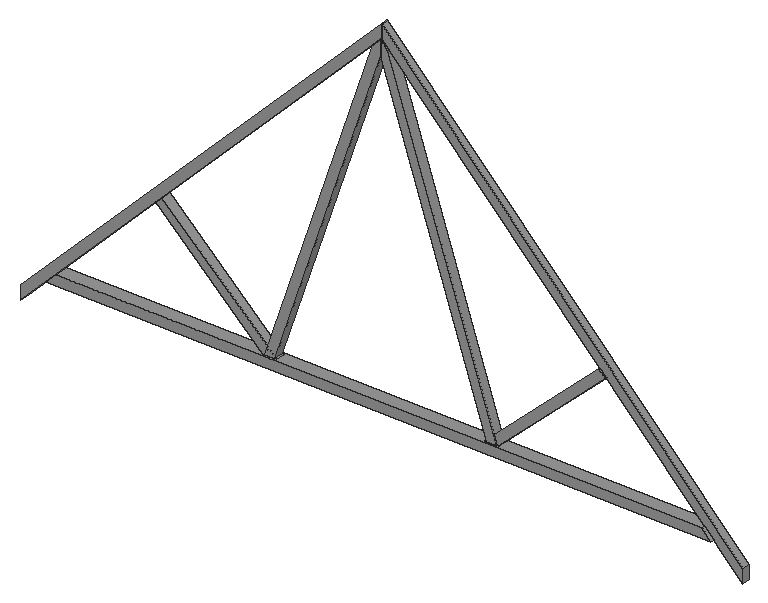
Revit family "FinkTruss", category Structural Framing, Revit 2020
Family settings
  Section Shape = Not Defined
  Material for Model Behavior = Wood
  Always export as geometry = No
  OmniClass Number = 23.25.30.21.14
  OmniClass Title = Trussed Beams and Joists
  Work Plane-Based = No
  Always vertical = Yes
  Cut with Voids When Loaded = No
  Symbolic Representation = From Family
  Shared = No
  Show family pre-cut in plan views = Yes
Parameters
  WebWidth [instance] = 100 mm
  WebDepth [instance] = 100 mm
  T_Volume [instance] = 0.00 m³
  TopWidth [instance] = 75 mm
  Structural Material [instance] = Poche
  SpanRight [instance] = 3500 mm
  SpanLeft [instance] = 3500 mm
  Span [instance] = SpanLeft + SpanRight  # 7000 mm
  SlopeRight [instance] = 45.00°
  SlopeLeft [instance] = 45.00°
  OverhangRight [instance] = 300 mm
  OverhangLeft [instance] = 300 mm
  TopDepth [instance] = 100 mm
  BottomWidth [instance] = 150 mm
  BottomDepth [instance] = 100 mm
Reference planes
  plane 1 "Center (Front/Back)": y = 0
  plane 2: z = 0
  plane 3 "Center (Left/Right)": x = 0
  plane 4: x = -3500
  plane 5: x = 3500
  plane 6: x = 3800
  plane 7: x = -3800
  plane 8: z = 100
  plane 9: x = 1166.667
  plane 10: x = -1166.667
  plane 11: x = 2333.333
  plane 12: x = -2333.333
Forms (mm)
  Extrusion 1, solid, material "Cherry"
    sketch origin (0, 0, 0) x (1, 0, 0) y (0, 0, 1)
      loop
        line (-3800, -300) -> (0, 3500) -> (0, 3641.421) -> (-3800, -158.579) -> (-3800, -300)
    from -37.5 to 37.5
  Extrusion 2, solid, material "Cherry"
    sketch origin (0, 0, 0) x (1, 0, 0) y (0, 0, 1)
      loop
        line (3800, -300) -> (3800, -158.579) -> (0, 3641.421) -> (0, 3500) -> (3800, -300)
    from -37.5 to 37.5
  Extrusion 3, solid, material "Cherry"
    sketch origin (0, 0, 0) x (1, 0, 0) y (0, 0, 1)
      loop
        line (-3500, 0) -> (3500, 0) -> (3400, 100) -> (-3400, 100) -> (-3500, 0)
    from -75 to 75
  Extrusion 4, solid, material "Cherry"
    sketch origin (0, 0, 0) x (1, 0, 0) y (0, 0, 1)
      loop
        line (1240.766, 100) -> (2368.724, 1131.276) -> (2297.943, 1202.057) -> (1092.567, 100) -> (1240.766, 100)
    from -50 to 50
  Extrusion 5, solid, material "Cherry"
    sketch origin (0, 0, 0) x (1, 0, 0) y (0, 0, 1)
      loop
        line (0, 3345.946) -> (0, 3500) -> (-80.476, 3419.524) -> (-1219.528, 100) -> (-1113.805, 100) -> (0, 3345.946)
    from -50 to 50
  Extrusion 6, solid, material "Cherry"
    sketch origin (0, 0, 0) x (1, 0, 0) y (0, 0, 1)
      loop
        line (-1092.567, 100) -> (-2297.943, 1202.057) -> (-2368.724, 1131.276) -> (-1240.766, 100) -> (-1092.567, 100)
    from -50 to 50
  Extrusion 7, solid, material "Cherry"
    sketch origin (0, 0, 0) x (1, 0, 0) y (0, 0, 1)
      loop
        line (80.476, 3419.524) -> (0, 3500) -> (0, 3345.946) -> (1113.805, 100) -> (1219.528, 100) -> (80.476, 3419.524)
    from -50 to 50
Lines and regions (mm)
  reference lines
    curve 1: line (3500, 0, 0) -> (1307.969, 0, 2192.031)
    curve 2: line (-3500, 0, 0) -> (-1025.126, 0, 2474.874)
    curve 3: line (3535.636, 0, 105.785) -> (-8.024, 0, 3649.445)
    curve 4: line (-3495.19, 0, 146.231) -> (-66.332, 0, 3575.09)
    curve 5: line (0, 37.5, 1939.254) -> (0, 37.5, -520.746)
    curve 6: line (0, -37.5, 1939.254) -> (0, -37.5, -520.746)
    curve 7: line (0, 0, 3500) -> (1166.667, 0, 100)
    curve 8: line (1166.667, 0, 100) -> (2333.333, 0, 1166.667)
    curve 9: line (-39.357, 0, 3460.643) -> (1148.103, 0, 0.046)
    curve 10: line (1104.505, 0, 110.915) -> (2298.87, 0, 1202.906)
    curve 11: line (1222.587, 0, 83.379) -> (2367.796, 0, 1130.428)
    curve 12: line (0, 0, 3500) -> (-1166.667, 0, 100)
    curve 13: line (-1166.667, 0, 100) -> (-2333.333, 0, 1166.667)
    curve 14: line (-46.606, 0, 3518.23) -> (-1222.714, 0, 90.716)
    curve 15: line (-399.352, 0, 2182.119) -> (-1150.677, 0, -7.455)
    curve 16: line (-1108.733, 0, 114.78) -> (-2297.76, 0, 1201.891)
    curve 17: line (-1221.7, 0, 82.568) -> (-2368.907, 0, 1131.443)
    curve 18: line (0, -50, 1939.254) -> (0, -50, -520.746)
    curve 19: line (0, -75, 1939.254) -> (0, -75, -520.746)
    curve 20: line (0, 50, 1939.254) -> (0, 50, -520.746)
    curve 21: line (0, 75, 1939.254) -> (0, 75, -520.746)
    curve 22: line (21.367, 0, 3591.784) -> (1215.075, 0, 112.979)
Dimensions and locks
  "SpanLeft": plane 3 "Center (Left/Right)" to plane 5
  "SpanRight": plane 3 "Center (Left/Right)" to plane 4
  "OverhangLeft": plane 5 to plane 6
  "OverhangRight": plane 7 to plane 4
  "BottomDepth": level to plane 8
  "TopDepth": curve 1 to curve 3
  "TopDepth": curve 4 to curve 2
  plane 3 "Center (Left/Right)" to plane 4 = 3500 mm
  plane 3 "Center (Left/Right)" to plane 5 = 3500 mm
  equal spacing: curve 5, curve 4, curve 6
  "TopWidth": curve 5 to curve 6
  equal spacing: plane 5, plane 11, plane 9, plane 3 "Center (Left/Right)"
  equal spacing: plane 3 "Center (Left/Right)", plane 10, plane 12, plane 4
  equal spacing: curve 11, curve 8, curve 10
  "WebDepth": curve 11 to curve 10
  equal spacing: curve 14, curve 12, curve 15
  "WebDepth": curve 14 to curve 15
  equal spacing: curve 16, curve 13, curve 17
  "WebDepth": curve 16 to curve 17
  equal spacing: curve 20, curve 4, curve 18
  "WebWidth": curve 20 to curve 18
  equal spacing: curve 21, curve 4, curve 19
  "BottomWidth": curve 21 to curve 19
  equal spacing: curve 9, curve 7, curve 22
  "WebDepth": curve 9 to curve 22
  "SlopeLeft": angle level to curve 1
  "SlopeRight": angle curve 2 to level
  aligned and locked: plane 2 to level
  aligned and locked: Extrusion 1 sketch curve to curve 2
  aligned and locked: Extrusion 1 sketch curve to curve 4
  aligned and locked: Extrusion 1 sketch curve to curve 6
  aligned and locked: plane 7 to Extrusion 1 sketch curve
  aligned and locked: Extrusion 1 to curve 5
  aligned and locked: Extrusion 1 to curve 6
  aligned and locked: Extrusion 2 sketch curve to curve 1
  aligned and locked: Extrusion 2 sketch curve to curve 3
  aligned and locked: Extrusion 2 sketch curve to curve 6
  aligned and locked: Extrusion 2 sketch curve to plane 6
  aligned and locked: Extrusion 2 to curve 5
  aligned and locked: Extrusion 2 to curve 6
  aligned and locked: Extrusion 3 sketch curve to level
  aligned and locked: Extrusion 3 sketch curve to plane 8
  aligned and locked: Extrusion 1 to Extrusion 3 sketch curve
  aligned and locked: Extrusion 2 to Extrusion 3 sketch curve
  aligned and locked: plane 8 to curve 7
  aligned and locked: plane 9 to curve 7
  aligned and locked: plane 10 to curve 12
  aligned and locked: Extrusion 3 to curve 19
  aligned and locked: curve 21 to Extrusion 3
  aligned and locked: curve 11 to Extrusion 4 sketch curve
  aligned and locked: Extrusion 4 sketch curve to curve 10
  aligned and locked: Extrusion 3 to Extrusion 4 sketch curve
  aligned and locked: Extrusion 2 to Extrusion 4 sketch curve
  aligned and locked: Extrusion 5 sketch curve to curve 15
  aligned and locked: curve 14 to Extrusion 5 sketch curve
  aligned and locked: Extrusion 5 sketch curve to plane 3 "Center (Left/Right)"
  aligned and locked: Extrusion 3 to Extrusion 5 sketch curve
  aligned and locked: Extrusion 1 to Extrusion 5 sketch curve
  aligned and locked: Extrusion 6 sketch curve to curve 16
  aligned and locked: curve 17 to Extrusion 6 sketch curve
  aligned and locked: Extrusion 1 to Extrusion 6 sketch curve
  aligned and locked: Extrusion 3 to Extrusion 6 sketch curve
  aligned and locked: curve 22 to Extrusion 7 sketch curve
  aligned and locked: curve 9 to Extrusion 7 sketch curve
  aligned and locked: Extrusion 7 sketch curve to Extrusion 2
  aligned and locked: Extrusion 7 sketch curve to curve 19
  aligned and locked: Extrusion 3 to Extrusion 7 sketch curve
  aligned and locked: curve 20 to Extrusion 4
  aligned and locked: Extrusion 4 to curve 18
  aligned and locked: curve 20 to Extrusion 6
  aligned and locked: Extrusion 6 to curve 18
  aligned and locked: Extrusion 5 to Extrusion 4  (x2)
  aligned and locked: Extrusion 7 to Extrusion 4
  aligned and locked: Extrusion 7 to Extrusion 5
Automatic sketch dimensions
  curve 2 to level = 0 mm
  plane 4 to curve 2 = 0 mm
  plane 12 to curve 13 = 0 mm
  curve 12 to plane 3 "Center (Left/Right)" = 0 mm
  curve 8 to plane 11 = 0 mm
  curve 1 to level = 0 mm
  plane 5 to curve 1 = 0 mm
  curve 13 to plane 8 = 0 mm
  curve 4 to plane 4 = 4.81 mm
  plane 12 to curve 17 = 35.573 mm
  curve 16 to plane 12 = 35.573 mm
  curve 14 to plane 8 = 9.284 mm
  curve 17 to plane 8 = 17.432 mm
  curve 15 to level = 7.455 mm
  curve 15 to plane 3 "Center (Left/Right)" = 399.352 mm
  curve 4 to plane 3 "Center (Left/Right)" = 66.332 mm
  curve 14 to plane 3 "Center (Left/Right)" = 46.606 mm
  curve 3 to plane 3 "Center (Left/Right)" = 8.024 mm
  plane 3 "Center (Left/Right)" to curve 22 = 21.367 mm
  plane 8 to curve 10 = 10.915 mm
  level to curve 9 = 0.046 mm
  plane 8 to curve 22 = 12.979 mm
  curve 11 to plane 8 = 16.621 mm
  curve 10 to plane 11 = 34.463 mm
  plane 11 to curve 11 = 34.463 mm
  plane 8 to curve 3 = 5.785 mm
  curve 21 to level = 520.746 mm
  curve 5 to curve 21 = 0 mm  (x2)
  curve 19 to curve 5 = 0 mm
  curve 19 to curve 6 = 0 mm  (x2)
  curve 18 to curve 19 = 0 mm  (x2)
  curve 21 to curve 20 = 0 mm
  plane 8 to curve 6 = 1839.254 mm
  curve 6 to curve 20 = 0 mm
  curve 6 to curve 21 = 0 mm
